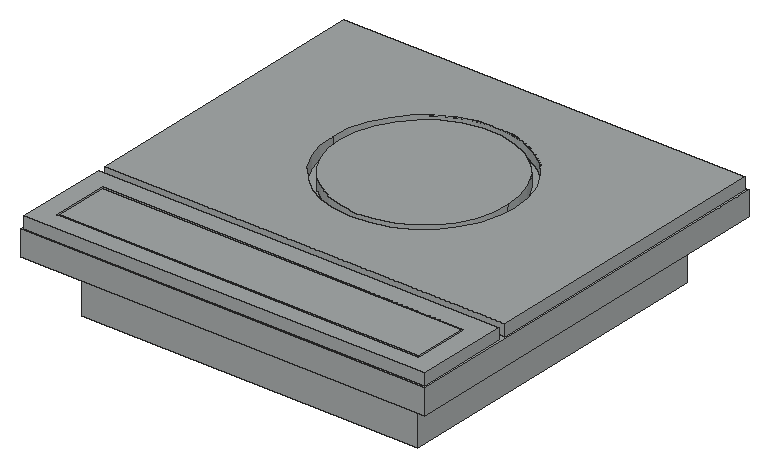
Revit family "Gira_5534926", category Electrical Fixtures, host Face, Revit 2017
Family settings
  Host = Face
  Maintain Annotation Orientation = Yes
  Round Connector Dimension = Use Diameter
  Part Type = Normal
  Cut with Voids When Loaded = No
  Shared = No
  Room Calculation Point = No
Parameters (values of type "Ruftastenmodul 4f System 106 Aluminium")
  URL = "http://katalog.gira.de/de_DE/datenblatt.html?artikelnr=5534926"
  Region = "DE"
  Name = "Ruftastenmodul 4f System 106 Aluminium"
  Model = "Sys106_Abdeckung_Schalten und Tasten"
  Manufacturer URL = "https://www.gira.de/"
  Installationstechnik = "Bus-System"
  Höhe = "0,1065 m"
  HeinzeBIM = "https://bimportal.heinze.de/bim/ruftastenmodul-4f-system-106-aluminium/16f35217b783e103c3aeafbde09a74d563773de8"
  HAN = "5534926"
  GTIN = "4010337022558"
  Farbe = "silber"
  Edelstahl [instance] = Edelstahl
  Default Elevation = 1219.2 mm
  Data sheet (1) = "https://katalog.gira.de/de_DE/download.html?artikelnr=5534926"
  Category = "Funktionsmodul für Türkommunikation"
  Breite = "0,1065 m"
  Available = "Yes"
  Anzahl der Klingeltasten = "4 "
Reference planes
  plane 1 "Center (Front/Back)": y = 0
  plane 2 "Reference Level 0": z = 0
  plane 3 "Center (Left/Right)": x = 0
  plane 4 "Reference Level 1": z = 9.5
Forms (mm)
  Extrusion 1, solid, material "Edelstahl" <- "Edelstahl", detail levels coarse
    sketch origin (0, 0, 0) x (1, 0, 0) y (0, 1, 0)
      loop
        line (-53, 53) -> (-53, -53) -> (53, -53) -> (53, 53) -> (-53, 53)
    from -14.7 to 9.5
  Extrusion 2, solid, material "Edelstahl" <- "Edelstahl", detail levels fine
    sketch origin (0, 0, 0) x (1, 0, 0) y (0, 1, 0)
      loop
        line (52.5, -28) -> (-52.5, -28) -> (-52.5, -52.5) -> (52.5, -52.5) -> (52.5, -28)
      loop
        line (-47.5, -48) -> (47.5, -48) -> (47.5, -33) -> (-47.5, -33) -> (-47.5, -48)
    from 6.5 to 9.5
  Extrusion 3, solid, material "Edelstahl" <- "Edelstahl", detail levels fine
    sketch origin (0, 0, 0) x (1, 0, 0) y (0, 1, 0)
      loop
        line (-52.5, 52.5) -> (-52.5, -26) -> (52.5, -26) -> (52.5, 52.5) -> (-52.5, 52.5)
      loop
        circle (0, 13) r 24
    from 6.5 to 9.5
  Extrusion 4, solid, material "Edelstahl" <- "Edelstahl", detail levels medium+fine
    sketch origin (0, 0, 0) x (1, 0, 0) y (0, 1, 0)
      loop
        line (-53, 53) -> (-53, -53) -> (53, -53) -> (53, 53) -> (-53, 53)
    from 0 to 6.5
  Extrusion 5, solid, material "Edelstahl" <- "Edelstahl", detail levels fine
    sketch origin (0, 0, 0) x (1, 0, 0) y (0, 1, 0)
      loop
        line (-44, 44) -> (-44, -44) -> (44, -44) -> (44, 44) -> (-44, 44)
    from -14.7 to 0
  Extrusion 6, solid, material "Edelstahl" <- "Edelstahl", detail levels fine
    sketch origin (0, 0, 0) x (1, 0, 0) y (0, 1, 0)
      loop
        circle (0, 13) r 22
    from 6.5 to 9.5
  Extrusion 7, solid, material "Edelstahl" <- "Edelstahl", detail levels fine
    sketch origin (0, 0, 0) x (1, 0, 0) y (0, 1, 0)
      loop
        line (-47, -33.5) -> (-47, -47.5) -> (47, -47.5) -> (47, -33.5) -> (-47, -33.5)
    from 6.5 to 9.5
  Extrusion 8, solid, material "Edelstahl" <- "Edelstahl", detail levels medium
    sketch origin (0, 0, 0) x (1, 0, 0) y (0, 1, 0)
      loop
        line (-52.5, 52.5) -> (-52.5, -26) -> (52.5, -26) -> (52.5, 52.5) -> (-52.5, 52.5)
      loop
        line (-52.5, -28) -> (-52.5, -52.5) -> (52.5, -52.5) -> (52.5, -28) -> (-52.5, -28)
    from 6.5 to 9.5
  Extrusion 9, solid, material "Edelstahl" <- "Edelstahl", detail levels medium
    sketch origin (0, 0, 0) x (1, 0, 0) y (0, 1, 0)
      loop
        circle (0, 13) r 24
      loop
        line (-47.5, -33) -> (-47.5, -48) -> (47.5, -48) -> (47.5, -33) -> (-47.5, -33)
    from 6.5 to 9.5
Dimensions and locks
  aligned and locked: plane 2 "Reference Level 0" to host face
  aligned and locked: level to host face
  aligned and locked: Extrusion 4 to host face
  aligned and locked: Extrusion 4 to level
  aligned and locked: level to Extrusion 5
  aligned and locked: level to Extrusion 4
  aligned and locked: Extrusion 4 to plane 2 "Reference Level 0"
  aligned and locked: plane 2 "Reference Level 0" to Extrusion 5
  aligned and locked: plane 3 "Center (Left/Right)" to nested 1
  aligned and locked: plane 1 "Center (Front/Back)" to nested 1
Nested families
  nested 1: "Schalter" at (0, 0, 0), type "Schalter"
Connectors
  electrical at (0, 0, -14.7)
    settings: on Extrusion 5, index 1, voltage 220 V, apparent load 0 VA, apparent load phase1 0 VA, apparent load phase2 0 VA, apparent load phase3 0 VA, power factor 1, load classification "Other", number of poles 1, system type 30, power factor state 1, is connector primary yes, connector utility no, sub classification motor no, connector description ""
Definition of nested family "Schalter"
  Reference planes
    plane 1: y = 0
    plane 2: x = 0
  Lines and regions (mm)
    detail lines
      curve 1: circle (1.375, 2.778, 0) r 0.8 normal (0, 0, 1)
      curve 2: line (1.021, 2.061, 0) -> (0, 0, 0)
      curve 3: line (0, 0, 0) -> (-0.538, 0.266, 0)
  Dimensions and locks
    curve 2 to curve 2 = 2.3 mm
    curve 3 to curve 2 = 0.6 mm
    radius of curve 1 = 0.8 mm
